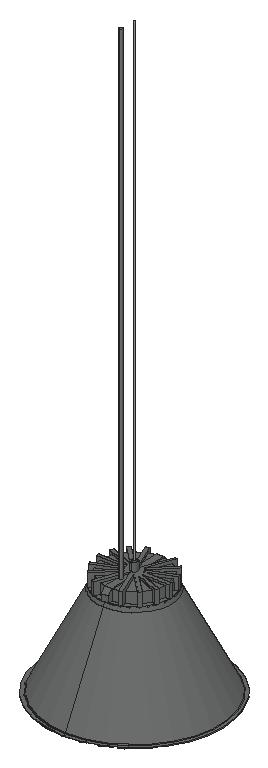
Revit family "Lighting_Pendants_Zero_City_Pendant", category Lighting Fixtures, Revit 2020
Family settings
  Round Connector Dimension = Use Diameter
  Part Type = Normal
  OmniClass Number = 23.80.70.00
  OmniClass Title = Lighting
  Work Plane-Based = Yes
  Always vertical = Yes
  Cut with Voids When Loaded = No
  Light Source = Yes
  Shared = No
  Room Calculation Point = No
Parameters (values of type "City pendant LED 2215LM/26W HFF Black")
  Youtube clip = ""
  Weight Net (Kg) = "5.3"
  Wattage = 7.80924 W
  WarrantyStartDate [instance] = "n/a"
  WarrantyGuarantorParts = "n/a"
  WarrantyGuarantorLabor = "n/a"
  WarrantyDurationUnit = "Year"
  WarrantyDurationParts = "n/a"
  WarrantyDurationLabor = "n/a"
  WarrantyDescription = "n/a"
  built-in parameter 1150110 = 1 (stored number, unit not read)
  VersionDate = "31/08/2023"  # constant formula
  Version = "3"  # constant formula
  UsageCurrent = 0 A
  Uniformat II Description = ""
  Uniformat II Code = ""
  Uniclass2015Reference = "Pr_70_70_48_86"
  Uniclass2015Description = "Suspended luminaires"
  Uniclass2 = "Pr_70_70_49_86"
  Uniclass 2015 Name = ""
  Uniclass 2015 Code = ""
  Uniclass 2.0 Description = ""
  Uniclass 2.0 Code = ""
  Uniclass 1.4 Description = ""
  Uniclass 1.4 Code = ""
  URL = "https://www.zerolighting.com/citypendel-inompe"
  UNSPSC Code = ""
  TotalWattage = 26 W
  built-in parameter 1114217 = 1 (stored number, unit not read)
  Tilt Angle = 90.00°
  built-in parameter 1150109 = 1 (stored number, unit not read)
  built-in parameter 1150134 = (empty or 0)
  Technical description = ""
  TagNumber [instance] = "n/a"
  SustainabilityPerformance = "n/a"
  built-in parameter 1150113 = 1 (stored number, unit not read)
  Size = "555x555x342 mm"
  Shape = "Cone"
  SerialNumber [instance] = "n/a"
  Revision = "5"  # constant formula
  ReplacementCost = "n/a"
  Region South America = "None"
  Region Oceania = "AU, NZ"
  Region North America = "BZ, CR, GT, HN, MX, NI, PA, SV, US"
  Region Middle East = "AE"
  Region Europe = "AD, AL, AT, AX, BA, BE, BG, BY, CH, CY, CZ, DE, DK, EE, ES, FI, FO, FR, GB, GG, GI, GR, HR, HU, IE, IM, IS, IT, JE, LI, LT, LU, LV, MC, MD, ME, MK, MT, NL, NO, PL, PT, RO, RS, RU, SE, SI, SJ, SK, SM, UA, VA"
  Region Asia = "HK, JP, SG"
  Region Antarctica = "None"
  Region Africa = "None"
  ProductInformation = "n/a"
  Product group = "Pendant"
  Product family = "City"
  Product certification = ""
  Product SKU = "City_Pendant"
  Photometric Web File = "City33913IES.IES"
  PhaseReference = "n/a"
  PhaseAngle = 0.00°
  OmniClass Description = ""
  OmniClass Code = ""
  NumberOfSources = 0
  NumberOfPoles = 1
  NominalVoltageCalc = 0 V
  NominalVoltage = 230 V
  NominalRadius = 277.5 mm
  NominalLength = 555 mm
  NominalFrequencyRange = 50 Hz
  NominalDiameter = 555 mm
  NominalCurrent = 0 A
  Nominal width = 555 mm
  Nominal height = 342 mm
  Name = "Zero_City_Pendant"  # constant formula
  NBSReference = "90-60-50/405"
  NBSDescription = "General purpose luminaires"
  NBS Reference Description = ""
  NBS Reference Code = ""
  ModelReference = "n/a"
  ModelNumber = "12086306D30"
  Model = "City pendant LED 2215LM/26W HFF Black"
  Material secondary = "Aluminium"
  Material main = "Aluminium"
  Material = "Metal"
  Masterformat 2014 Description = ""
  Masterformat 2014 Code = ""
  ManufacturersSpecificInformation = "n/a"
  ManufacturerURL = "https://www.zerolighting.com/"
  ManufacturerName = "Zero"
  Manufacturer name = "ZERO"
  Manufacturer country = "Sweden"
  Manufacturer = "Zero"
  MaintenanceFactor = 0
  Lumens = 1160 lm
  built-in parameter 1150115 = 1 (stored number, unit not read)
  built-in parameter 1150105 = 920.57 (stored number, unit not read)
  LightFixtureSecondaryMaterial = Aluminium
  LightFixturePlacingType = "Ceiling"
  LightFixtureMountingType = "Suspended"
  LightFixtureMainMaterial = Black RAL 9005
  built-in parameter 1150137 = (empty or 0)
  built-in parameter 1150139 = (empty or 0)
  built-in parameter 1150112 = 1 (stored number, unit not read)
  built-in parameter 1150114 = 1 (stored number, unit not read)
  InsulationStandardClass = "n/a"
  InstallationDate [instance] = "n/a"
  Installation instructions = ""
  built-in parameter 1150132 = 2
  built-in parameter 1150102 = (empty or 0)
  built-in parameter 1150138 = (empty or 0)
  built-in parameter 1150107 = 3000 (stored number, unit not read)
  built-in parameter 1150106 = 9.2057 (stored number, unit not read)
  IfcExportType = "NOTDEFINED"  # constant formula
  IfcExportAs = "IfcLightFixtureType"  # constant formula
  IP_Code = "IP20"
  IFC Classification = ""
  HasProtectiveEarth = yes
  GTIN code = ""
  Edition number = 1
  Dimming = "Dimmable DALI"
  Grade = "n/a"
  Finish = "Painted aluminum"
  Features = "Terminal block 3x4mm2, when HFF 5x4mm2"
  ExpectedLife = "n/a"
  ElectricalDeviceNominalPower = 0
  built-in parameter 1150104 = 13.8 (stored number, unit not read)
  EANNumber = "n/a"
  DurationUnit = "Year"
  Dimming Lamp Color Temperature Shift = <None>
  Designer = "Thomas Bernstrand"
  Design country = "Sweden"
  DefaultElevation = 0 mm
  Default Elevation [instance] = 1219.2 mm
  Date of publishing = ""
  Constituents = "n/a"
  Color Filter = 16777215
  Color = "Black"
  Collection = "City"
  CodePerformance = "n/a"
  Category = "Pendant"
  CableLength [instance] = 1500 mm
  COBIe Type Category = ""
  Brand url = "http://www.zero.se"
  Brand = "Zero"
  Barcode [instance] = "n/a"
  built-in parameter 1114218 = 1 (stored number, unit not read)
  BIMObjectName = "Lighting_Pendants_Zero_City_Pendant"  # constant formula
  Author = "BIMstone"  # constant formula
  built-in parameter 1150133 = 10 (stored number, unit not read)
  AssetType = "Fixed"
  AssetIdentifier [instance] = "n/a"
  ArticleNumber = "12086306D30"
  AccessibilityPerformance = "n/a"
Types (6, lengths in mm): name | Wattage | ModelNumber | Model | Lumens | built-in parameter 1150105 | LightFixtureMainMaterial | built-in parameter 1150106 | IP_Code | HasProtectiveEarth | Dimming | Color | ArticleNumber
  City pendant E27/Max 26W Black | 7.80924 W | "12090306" | "City pendant E27/Max 26W Black" | 1160 lm | 920.57 (stored number, unit not read) | Black RAL 9005 | 9.2057 (stored number, unit not read) | "IP65" | no | "None" | "Black" | "12090306"
  City pendant LED 2215LM/26W Black | 7.80924 W | "12086306-30" | "City pendant LED 2215LM/26W Black" | 1160 lm | 920.57 (stored number, unit not read) | Black RAL 9005 | 9.2057 (stored number, unit not read) | "IP20" | yes | "None" | "Black" | "12086306-30"
  City pendant E27/Max 26W Beige grey | 7.80924 W | "12090366" | "City pendant E27/Max 26W Beige grey" | 1160 lm | 920.57 (stored number, unit not read) | Beige Grey RAL 7006 | 9.2057 (stored number, unit not read) | "IP65" | no | "None" | "Beige" | "12090366"
  City pendant LED 2215LM/26W Beige grey | 14.9116 W | "12086366-30" | "City pendant LED 2215LM/26W Beige grey" | 2215 lm | 176.26 (stored number, unit not read) | Beige Grey RAL 7006 | 1.7626 (stored number, unit not read) | "IP20" | yes | "None" | "Beige" | "12086366-30"
  City pendant LED 2215LM/26W HFF Beige grey | 14.9116 W | "12086366D30" | "City pendant LED 2215LM/26W HFF Beige grey" | 2215 lm | 176.26 (stored number, unit not read) | Beige Grey RAL 7006 | 1.7626 (stored number, unit not read) | "IP20" | yes | "Dimmable DALI" | "Beige" | "12086366D30"
  City pendant LED 2215LM/26W HFF Black | 7.80924 W | "12086306D30" | "City pendant LED 2215LM/26W HFF Black" | 1160 lm | 920.57 (stored number, unit not read) | Black RAL 9005 | 9.2057 (stored number, unit not read) | "IP20" | yes | "Dimmable DALI" | "Black" | "12086306D30"
Reference planes
  plane 1 "Light Source Axis (F/B)": y = 0
  plane 2: z = 0
  plane 3 "Light Source Axis (L/R)": x = 0
  plane 4 "Ceiling": z = 0
  plane 5 "Light Source Elevation": z = -1775.936
  plane 6: y = 277.5
  plane 7: y = -277.5
  plane 8: x = -277.5
  plane 9: x = 277.5
  plane 10: z = -1500
  plane 11: z = -1525.936
  plane 12: z = 0
Forms (mm)
  Extrusion 1, solid, material "Default New Material", detail levels medium+fine
    sketch origin (0, 0, -1775.936) x (-1, 0, 0) y (0, -1, 0)
      loop
        circle (0, 51.698) r 5
    from 250 to 1775.936
  Extrusion 2, solid, detail levels medium+fine
    sketch origin (0, 51.698, -1775.936) x (-1, 0, 0) y (0, -1, 0)
      loop
        circle (0, 51.698) r 1
    from 275.936 to 1775.936
  Extrusion 3, solid, material "Black RAL 9005" <- "LightFixtureMainMaterial", detail levels coarse
    sketch origin (0, 0, -1775.936) x (-1, 0, 0) y (0, -1, 0)
      loop
        line (277.5, 277.5) -> (-277.5, 277.5) -> (-277.5, -277.5) -> (277.5, -277.5) -> (277.5, 277.5)
    from -92 to 1775.936
Lines and regions (mm)
  symbolic lines, detail levels coarse
    curve 1: line (-277.5, -277.5, -1775.936) -> (277.5, -277.5, -1775.936)
    curve 2: line (-277.5, 277.5, -1775.936) -> (-277.5, -277.5, -1775.936)
    curve 3: line (277.5, 277.5, -1775.936) -> (-277.5, 277.5, -1775.936)
    curve 4: line (277.5, -277.5, -1775.936) -> (277.5, 277.5, -1775.936)
  symbolic lines, detail levels medium+fine
    curve 5: line (5, 0, -1500) -> (5, 0, 0)
    curve 6: line (-5, 0, -1500) -> (-5, 0, 0)
    curve 9: line (0, 1, -1500) -> (0, 1, 0)
    curve 10: line (0, -56.698, -1525.936) -> (0, -56.698, 0)
  symbolic lines, detail levels fine
    curve 7: line (1, 0, -1500) -> (1, 0, 0)
    curve 8: line (-1, 0, -1500) -> (-1, 0, 0)
    curve 11: line (0, -46.698, 0) -> (0, -46.698, -1525.936)
    curve 12: line (0, -1, -1500) -> (0, -1, 0)
Dimensions and locks
  equal spacing: plane 6, plane 1 "Light Source Axis (F/B)", plane 7
  plane 6 to plane 7 = 555 mm
  equal spacing: plane 8, plane 3 "Light Source Axis (L/R)", plane 9
  "NominalLength": plane 8 to plane 9
  "CableLength": plane 10 to level
  locked: plane 10 to plane 11 at 25.936
  locked: plane 11 to plane 5 "Light Source Elevation" at 250
  aligned and locked: plane 3 "Light Source Axis (L/R)" to imposter light
  aligned and locked: plane 1 "Light Source Axis (F/B)" to imposter light
  aligned and locked: plane 5 "Light Source Elevation" to imposter light
  aligned and locked: level to Extrusion 1
  aligned and locked: plane 10 to nested 1
  aligned and locked: plane 10 to Extrusion 2
  aligned and locked: Extrusion 1 to plane 11
  aligned and locked: level to Extrusion 2
  aligned and locked: Extrusion 3 to nested 1
  aligned and locked: level to Extrusion 3
Automatic sketch dimensions
  plane 7 to curve 1 = 0 mm
  curve 1 to plane 9 = 0 mm
  curve 3 to plane 6 = 0 mm
  curve 3 to plane 8 = 0 mm
  Extrusion 1 sketch curve to Extrusion 1 sketch curve = 0 mm  (x2)
  Extrusion 1 sketch curve to plane 3 "Light Source Axis (L/R)" = 0 mm
  plane 1 "Light Source Axis (F/B)" to Extrusion 1 sketch curve = 51.698 mm
  Extrusion 1 sketch curve to Extrusion 1 sketch curve = 5 mm
  Extrusion 2 sketch curve to Extrusion 2 sketch curve = 0 mm  (x2)
  Extrusion 2 sketch curve to plane 3 "Light Source Axis (L/R)" = 0 mm
  plane 1 "Light Source Axis (F/B)" to Extrusion 2 sketch curve = 0 mm
  Extrusion 2 sketch curve to Extrusion 2 sketch curve = 1 mm
  plane 7 to Extrusion 3 sketch curve = 0 mm
  Extrusion 3 sketch curve to plane 9 = 0 mm
  Extrusion 3 sketch curve to plane 6 = 0 mm
  Extrusion 3 sketch curve to plane 8 = 0 mm
  curve 6 to plane 10 = 0 mm
  curve 6 to level = 0 mm
  curve 8 to plane 10 = 0 mm
  curve 8 to level = 0 mm
  curve 7 to level = 0 mm
  curve 7 to plane 10 = 0 mm
  curve 5 to level = 0 mm
  curve 5 to plane 10 = 0 mm
  curve 6 to plane 3 "Light Source Axis (L/R)" = 5 mm
  curve 8 to plane 3 "Light Source Axis (L/R)" = 1 mm
  plane 3 "Light Source Axis (L/R)" to curve 7 = 1 mm
  curve 7 to curve 5 = 4 mm
  curve 10 to plane 11 = 0 mm
  curve 10 to level = 0 mm
  curve 11 to level = 0 mm
  curve 11 to plane 11 = 0 mm
  plane 10 to curve 12 = 0 mm
  curve 12 to level = 0 mm
  curve 9 to level = 0 mm
  plane 10 to curve 9 = 0 mm
  plane 1 "Light Source Axis (F/B)" to curve 10 = 56.698 mm
  curve 10 to curve 11 = 10 mm
  plane 1 "Light Source Axis (F/B)" to curve 12 = 1 mm
  curve 9 to plane 1 "Light Source Axis (F/B)" = 1 mm
Nested families
  nested 1: "City-pendant" at (0, 0, -1867.936), Material1 <- "LightFixtureMainMaterial", type "City-pendant"
    with Material1 Black RAL 9005
Connectors
  electrical at (0, -51.698, 0), driven by "NominalVoltage"
    settings: on Extrusion 1, index 1, voltage 230 V, apparent load 0 VA, apparent load phase1 0 VA, apparent load phase2 0 VA, apparent load phase3 0 VA, power factor 1, load classification "Other", number of poles 1, system type 30, power factor state 1, is connector primary yes, connector utility no, sub classification motor no, connector description ""
Definition of nested family "City-pendant"
  Parameters (values of type "City-pendant")
    Material1 [instance] = none
    Default Elevation = 0 mm
  Reference planes
    plane 1 "Center (Front/Back)": y = 0
    plane 2: z = 0
    plane 3 "Center (Left/Right)": x = 0
    plane 4: z = 342
  Forms (mm)
    Revolve 1, solid, material <- "Material1", detail levels medium+fine
      sketch origin (0, 0, 0) x (0, 1, 0) y (0, 0, 1)
        loop
          line (100, 302) -> (100, 335.077) -> (0, 335.077) -> (0, 330.077) -> (95, 330.077) -> (95, 297) -> (109.862, 297) -> (112.338, 286.27) -> (262.824, 0) -> (277.395, 0) -> (277.395, 2) -> (267.643, 2.804) -> (265.772, 5.137) -> (117.065, 288.025) -> (113.84, 302) -> (100, 302)
        axis (0, 0) -> (0, 335.077)
      angle from 0 to 360
    Extrusion 2, solid, material <- "Material1", detail levels medium+fine
      sketch origin (0, 0, 9) x (1, 0, 0) y (0, 1, 0)
        loop
          arc (-103.16, 48.142) -> (-105.175, 43.565) -> (-106.987, 38.903) r 113.84
          line (-106.987, 38.903) -> (-25.137, 5) -> (-113.73, 5)
          arc (-113.73, 5) -> (-113.84, 0) -> (-113.73, -5) r 113.84
          line (-113.73, -5) -> (-25.137, -5) -> (-106.987, -38.903)
          arc (-106.987, -38.903) -> (-105.175, -43.565) -> (-103.16, -48.142) r 113.84
          line (-103.16, -48.142) -> (-21.31, -14.239) -> (-83.955, -76.884)
          arc (-83.955, -76.884) -> (-80.497, -80.497) -> (-76.884, -83.955) r 113.84
          line (-76.884, -83.955) -> (-14.239, -21.31) -> (-48.142, -103.16)
          arc (-48.142, -103.16) -> (-43.565, -105.175) -> (-38.903, -106.987) r 113.84
          line (-38.903, -106.987) -> (0, -13.066) -> (38.903, -106.987)
          arc (38.903, -106.987) -> (43.565, -105.175) -> (48.142, -103.16) r 113.84
          line (48.142, -103.16) -> (14.239, -21.31) -> (76.884, -83.955)
          arc (76.884, -83.955) -> (80.497, -80.497) -> (83.955, -76.884) r 113.84
          line (83.955, -76.884) -> (21.31, -14.239) -> (103.16, -48.142)
          arc (103.16, -48.142) -> (105.175, -43.565) -> (106.987, -38.903) r 113.84
          line (106.987, -38.903) -> (25.137, -5) -> (113.73, -5)
          arc (113.73, -5) -> (113.84, 0) -> (113.73, 5) r 113.84
          line (113.73, 5) -> (25.137, 5) -> (106.987, 38.903)
          arc (106.987, 38.903) -> (105.175, 43.565) -> (103.16, 48.142) r 113.84
          line (103.16, 48.142) -> (21.31, 14.239) -> (83.955, 76.884)
          arc (83.955, 76.884) -> (80.497, 80.497) -> (76.884, 83.955) r 113.84
          line (76.884, 83.955) -> (14.239, 21.31) -> (48.142, 103.16)
          arc (48.142, 103.16) -> (43.565, 105.175) -> (38.903, 106.987) r 113.84
          line (38.903, 106.987) -> (0, 13.066) -> (-38.903, 106.987)
          arc (-38.903, 106.987) -> (-43.565, 105.175) -> (-48.142, 103.16) r 113.84
          line (-48.142, 103.16) -> (-14.239, 21.31) -> (-76.884, 83.955)
          arc (-76.884, 83.955) -> (-80.497, 80.497) -> (-83.955, 76.884) r 113.84
          line (-83.955, 76.884) -> (-21.31, 14.239) -> (-103.16, 48.142)
      from 293 to 333
    Extrusion 3, solid, material <- "Material1", detail levels medium+fine
      sketch origin (0, 0, 9) x (0, 1, 0) y (0, 0, 1)
        loop
          line (113.276, 293) -> (113.276, 311.419) -> (100.84, 328) -> (-100.84, 328) -> (-113.179, 311.549) -> (-113.179, 293) -> (113.276, 293)
      from -10 to 10
    Extrusion 4, solid, material <- "Material1", detail levels medium+fine
      sketch origin (0, 0, 0) x (1, 0, 0) y (0, 1, 0)
        loop
          line (-261.557, 56.75) -> (-241.75, 56.75) -> (-241.75, 91.25) -> (-251.607, 91.25)
          arc (-251.607, 91.25) -> (-257.161, 74.167) -> (-261.557, 56.75) r 267.643
        loop
          line (241.75, 0) -> (241.75, -17.25) -> (267.086, -17.25)
          arc (267.086, -17.25) -> (267.643, 0) -> (267.086, 17.25) r 267.643
          line (267.086, 17.25) -> (241.75, 17.25) -> (241.75, 0)
        loop
          arc (266.913, 19.75) -> (265.062, 37.079) -> (262.087, 54.25) r 267.643
          line (262.087, 54.25) -> (241.75, 54.25) -> (241.75, 19.75) -> (266.913, 19.75)
        loop
          arc (261.557, 56.75) -> (257.161, 74.167) -> (251.607, 91.25) r 267.643
          line (251.607, 91.25) -> (241.75, 91.25) -> (241.75, 56.75) -> (261.557, 56.75)
        loop
          arc (250.686, 93.75) -> (246.444, 104.393) -> (241.75, 114.845) r 267.643
          line (241.75, 114.845) -> (241.75, 93.75) -> (250.686, 93.75)
        loop
          line (-202.25, 165.25) -> (-202.25, 130.75) -> (-167.75, 130.75) -> (-167.75, 165.25) -> (-202.25, 165.25)
        loop
          line (-165.25, 165.25) -> (-165.25, 130.75) -> (-130.75, 130.75) -> (-130.75, 165.25) -> (-165.25, 165.25)
        loop
          line (-128.25, 165.25) -> (-128.25, 130.75) -> (-93.75, 130.75) -> (-93.75, 165.25) -> (-128.25, 165.25)
        loop
          line (-91.25, 165.25) -> (-91.25, 130.75) -> (-56.75, 130.75) -> (-56.75, 165.25) -> (-91.25, 165.25)
        loop
          line (-54.25, 165.25) -> (-54.25, 130.75) -> (-19.75, 130.75) -> (-19.75, 165.25) -> (-54.25, 165.25)
        loop
          line (-17.25, 165.25) -> (-17.25, 130.75) -> (17.25, 130.75) -> (17.25, 165.25) -> (-17.25, 165.25)
        loop
          line (19.75, 165.25) -> (19.75, 130.75) -> (54.25, 130.75) -> (54.25, 165.25) -> (19.75, 165.25)
        loop
          line (56.75, 165.25) -> (56.75, 130.75) -> (91.25, 130.75) -> (91.25, 165.25) -> (56.75, 165.25)
        loop
          line (93.75, 165.25) -> (93.75, 130.75) -> (128.25, 130.75) -> (128.25, 165.25) -> (93.75, 165.25)
        loop
          line (130.75, 165.25) -> (130.75, 130.75) -> (165.25, 130.75) -> (165.25, 165.25) -> (130.75, 165.25)
        loop
          line (167.75, 165.25) -> (167.75, 130.75) -> (202.25, 130.75) -> (202.25, 165.25) -> (167.75, 165.25)
        loop
          line (204.75, 165.25) -> (204.75, 130.75) -> (233.531, 130.75)
          arc (233.531, 130.75) -> (222.702, 148.446) -> (210.535, 165.25) r 267.643
          line (210.535, 165.25) -> (204.75, 165.25)
        loop
          line (266.913, -19.75) -> (241.75, -19.75) -> (241.75, -54.25) -> (262.087, -54.25)
          arc (262.087, -54.25) -> (265.062, -37.079) -> (266.913, -19.75) r 267.643
        loop
          line (261.557, -56.75) -> (241.75, -56.75) -> (241.75, -91.25) -> (251.607, -91.25)
          arc (251.607, -91.25) -> (257.161, -74.167) -> (261.557, -56.75) r 267.643
        loop
          line (250.686, -93.75) -> (241.75, -93.75) -> (241.75, -114.845)
          arc (241.75, -114.845) -> (246.444, -104.393) -> (250.686, -93.75) r 267.643
        loop
          line (-241.75, 0) -> (-241.75, 17.25) -> (-267.086, 17.25)
          arc (-267.086, 17.25) -> (-267.643, 0) -> (-267.086, -17.25) r 267.643
          line (-267.086, -17.25) -> (-241.75, -17.25) -> (-241.75, 0)
        loop
          line (-266.913, 19.75) -> (-241.75, 19.75) -> (-241.75, 54.25) -> (-262.087, 54.25)
          arc (-262.087, 54.25) -> (-265.062, 37.079) -> (-266.913, 19.75) r 267.643
        loop
          line (-250.686, 93.75) -> (-241.75, 93.75) -> (-241.75, 114.845)
          arc (-241.75, 114.845) -> (-246.444, 104.393) -> (-250.686, 93.75) r 267.643
        loop
          arc (-266.913, -19.75) -> (-265.062, -37.079) -> (-262.087, -54.25) r 267.643
          line (-262.087, -54.25) -> (-241.75, -54.25) -> (-241.75, -19.75) -> (-266.913, -19.75)
        loop
          arc (-261.557, -56.75) -> (-257.161, -74.167) -> (-251.607, -91.25) r 267.643
          line (-251.607, -91.25) -> (-241.75, -91.25) -> (-241.75, -56.75) -> (-261.557, -56.75)
        loop
          arc (-250.686, -93.75) -> (-246.444, -104.393) -> (-241.75, -114.845) r 267.643
          line (-241.75, -114.845) -> (-241.75, -93.75) -> (-250.686, -93.75)
        loop
          line (0, 241.75) -> (17.25, 241.75) -> (17.25, 267.086)
          arc (17.25, 267.086) -> (0, 267.643) -> (-17.25, 267.086) r 267.643
          line (-17.25, 267.086) -> (-17.25, 241.75) -> (0, 241.75)
        loop
          line (19.75, 266.913) -> (19.75, 241.75) -> (54.25, 241.75) -> (54.25, 262.087)
          arc (54.25, 262.087) -> (37.079, 265.062) -> (19.75, 266.913) r 267.643
        loop
          line (56.75, 261.557) -> (56.75, 241.75) -> (91.25, 241.75) -> (91.25, 251.607)
          arc (91.25, 251.607) -> (74.167, 257.161) -> (56.75, 261.557) r 267.643
        loop
          line (93.75, 250.686) -> (93.75, 241.75) -> (114.845, 241.75)
          arc (114.845, 241.75) -> (104.393, 246.444) -> (93.75, 250.686) r 267.643
        loop
          arc (-19.75, 266.913) -> (-37.079, 265.062) -> (-54.25, 262.087) r 267.643
          line (-54.25, 262.087) -> (-54.25, 241.75) -> (-19.75, 241.75) -> (-19.75, 266.913)
        loop
          arc (-56.75, 261.557) -> (-74.167, 257.161) -> (-91.25, 251.607) r 267.643
          line (-91.25, 251.607) -> (-91.25, 241.75) -> (-56.75, 241.75) -> (-56.75, 261.557)
        loop
          arc (-93.75, 250.686) -> (-104.393, 246.444) -> (-114.845, 241.75) r 267.643
          line (-114.845, 241.75) -> (-93.75, 241.75) -> (-93.75, 250.686)
        loop
          line (0, -241.75) -> (-17.25, -241.75) -> (-17.25, -267.086)
          arc (-17.25, -267.086) -> (0, -267.643) -> (17.25, -267.086) r 267.643
          line (17.25, -267.086) -> (17.25, -241.75) -> (0, -241.75)
        loop
          arc (19.75, -266.913) -> (37.079, -265.062) -> (54.25, -262.087) r 267.643
          line (54.25, -262.087) -> (54.25, -241.75) -> (19.75, -241.75) -> (19.75, -266.913)
        loop
          arc (56.75, -261.557) -> (74.167, -257.161) -> (91.25, -251.607) r 267.643
          line (91.25, -251.607) -> (91.25, -241.75) -> (56.75, -241.75) -> (56.75, -261.557)
        loop
          arc (93.75, -250.686) -> (104.393, -246.444) -> (114.845, -241.75) r 267.643
          line (114.845, -241.75) -> (93.75, -241.75) -> (93.75, -250.686)
        loop
          line (-19.75, -266.913) -> (-19.75, -241.75) -> (-54.25, -241.75) -> (-54.25, -262.087)
          arc (-54.25, -262.087) -> (-37.079, -265.062) -> (-19.75, -266.913) r 267.643
        loop
          line (-56.75, -261.557) -> (-56.75, -241.75) -> (-91.25, -241.75) -> (-91.25, -251.607)
          arc (-91.25, -251.607) -> (-74.167, -257.161) -> (-56.75, -261.557) r 267.643
        loop
          line (-93.75, -250.686) -> (-93.75, -241.75) -> (-114.845, -241.75)
          arc (-114.845, -241.75) -> (-104.393, -246.444) -> (-93.75, -250.686) r 267.643
        loop
          line (-204.75, 165.25) -> (-210.535, 165.25)
          arc (-210.535, 165.25) -> (-222.702, 148.446) -> (-233.531, 130.75) r 267.643
          line (-233.531, 130.75) -> (-204.75, 130.75) -> (-204.75, 165.25)
        loop
          line (-165.25, 202.25) -> (-165.25, 167.75) -> (-130.75, 167.75) -> (-130.75, 202.25) -> (-165.25, 202.25)
        loop
          line (-128.25, 202.25) -> (-128.25, 167.75) -> (-93.75, 167.75) -> (-93.75, 202.25) -> (-128.25, 202.25)
        loop
          line (-91.25, 202.25) -> (-91.25, 167.75) -> (-56.75, 167.75) -> (-56.75, 202.25) -> (-91.25, 202.25)
        loop
          line (-54.25, 202.25) -> (-54.25, 167.75) -> (-19.75, 167.75) -> (-19.75, 202.25) -> (-54.25, 202.25)
        loop
          line (-17.25, 202.25) -> (-17.25, 167.75) -> (17.25, 167.75) -> (17.25, 202.25) -> (-17.25, 202.25)
        loop
          line (-165.25, 210.535) -> (-165.25, 204.75) -> (-130.75, 204.75) -> (-130.75, 233.531)
          arc (-130.75, 233.531) -> (-148.446, 222.702) -> (-165.25, 210.535) r 267.643
        loop
          line (-128.25, 234.914) -> (-128.25, 204.75) -> (-93.75, 204.75) -> (-93.75, 239.25) -> (-119.966, 239.25)
          arc (-119.966, 239.25) -> (-124.127, 237.118) -> (-128.25, 234.914) r 267.643
        loop
          line (-91.25, 239.25) -> (-91.25, 204.75) -> (-56.75, 204.75) -> (-56.75, 239.25) -> (-91.25, 239.25)
        loop
          line (-54.25, 239.25) -> (-54.25, 204.75) -> (-19.75, 204.75) -> (-19.75, 239.25) -> (-54.25, 239.25)
        loop
          line (-17.25, 239.25) -> (-17.25, 204.75) -> (17.25, 204.75) -> (17.25, 239.25) -> (-17.25, 239.25)
        loop
          line (-165.25, 91.25) -> (-165.25, 56.75) -> (-130.75, 56.75) -> (-130.75, 91.25) -> (-165.25, 91.25)
        loop
          line (-128.25, 91.25) -> (-128.25, 56.75) -> (-93.75, 56.75) -> (-93.75, 91.25) -> (-128.25, 91.25)
        loop
          line (-91.25, 91.25) -> (-91.25, 56.75) -> (-56.75, 56.75) -> (-56.75, 91.25) -> (-91.25, 91.25)
        loop
          line (-54.25, 91.25) -> (-54.25, 56.75) -> (-19.75, 56.75) -> (-19.75, 91.25) -> (-54.25, 91.25)
        loop
          line (-17.25, 91.25) -> (-17.25, 56.75) -> (17.25, 56.75) -> (17.25, 91.25) -> (-17.25, 91.25)
        loop
          line (-165.25, 128.25) -> (-165.25, 93.75) -> (-130.75, 93.75) -> (-130.75, 128.25) -> (-165.25, 128.25)
        loop
          line (-128.25, 128.25) -> (-128.25, 93.75) -> (-93.75, 93.75) -> (-93.75, 128.25) -> (-128.25, 128.25)
        loop
          line (-91.25, 128.25) -> (-91.25, 93.75) -> (-56.75, 93.75) -> (-56.75, 128.25) -> (-91.25, 128.25)
        loop
          line (-54.25, 128.25) -> (-54.25, 93.75) -> (-19.75, 93.75) -> (-19.75, 128.25) -> (-54.25, 128.25)
        loop
          line (-17.25, 128.25) -> (-17.25, 93.75) -> (17.25, 93.75) -> (17.25, 128.25) -> (-17.25, 128.25)
        loop
          line (-165.25, 17.25) -> (-165.25, -17.25) -> (-130.75, -17.25) -> (-130.75, 17.25) -> (-165.25, 17.25)
        loop
          line (-128.25, 17.25) -> (-128.25, -17.25) -> (-93.75, -17.25) -> (-93.75, 17.25) -> (-128.25, 17.25)
        loop
          line (-91.25, 17.25) -> (-91.25, -17.25) -> (-56.75, -17.25) -> (-56.75, 17.25) -> (-91.25, 17.25)
        loop
          line (-54.25, 17.25) -> (-54.25, -17.25) -> (-19.75, -17.25) -> (-19.75, 17.25) -> (-54.25, 17.25)
        loop
          line (-17.25, 17.25) -> (-17.25, -17.25) -> (17.25, -17.25) -> (17.25, 17.25) -> (-17.25, 17.25)
        loop
          line (-165.25, 54.25) -> (-165.25, 19.75) -> (-130.75, 19.75) -> (-130.75, 54.25) -> (-165.25, 54.25)
        loop
          line (-128.25, 54.25) -> (-128.25, 19.75) -> (-93.75, 19.75) -> (-93.75, 54.25) -> (-128.25, 54.25)
        loop
          line (-91.25, 54.25) -> (-91.25, 19.75) -> (-56.75, 19.75) -> (-56.75, 54.25) -> (-91.25, 54.25)
        loop
          line (-54.25, 54.25) -> (-54.25, 19.75) -> (-19.75, 19.75) -> (-19.75, 54.25) -> (-54.25, 54.25)
        loop
          line (-17.25, 54.25) -> (-17.25, 19.75) -> (17.25, 19.75) -> (17.25, 54.25) -> (-17.25, 54.25)
        loop
          line (-165.25, -56.75) -> (-165.25, -91.25) -> (-130.75, -91.25) -> (-130.75, -56.75) -> (-165.25, -56.75)
        loop
          line (-128.25, -56.75) -> (-128.25, -91.25) -> (-93.75, -91.25) -> (-93.75, -56.75) -> (-128.25, -56.75)
        loop
          line (-91.25, -56.75) -> (-91.25, -91.25) -> (-56.75, -91.25) -> (-56.75, -56.75) -> (-91.25, -56.75)
        loop
          line (-54.25, -56.75) -> (-54.25, -91.25) -> (-19.75, -91.25) -> (-19.75, -56.75) -> (-54.25, -56.75)
        loop
          line (-17.25, -56.75) -> (-17.25, -91.25) -> (17.25, -91.25) -> (17.25, -56.75) -> (-17.25, -56.75)
        loop
          line (-165.25, -19.75) -> (-165.25, -54.25) -> (-130.75, -54.25) -> (-130.75, -19.75) -> (-165.25, -19.75)
        loop
          line (-128.25, -19.75) -> (-128.25, -54.25) -> (-93.75, -54.25) -> (-93.75, -19.75) -> (-128.25, -19.75)
        loop
          line (-91.25, -19.75) -> (-91.25, -54.25) -> (-56.75, -54.25) -> (-56.75, -19.75) -> (-91.25, -19.75)
        loop
          line (-54.25, -19.75) -> (-54.25, -54.25) -> (-19.75, -54.25) -> (-19.75, -19.75) -> (-54.25, -19.75)
        loop
          line (-17.25, -19.75) -> (-17.25, -54.25) -> (17.25, -54.25) -> (17.25, -19.75) -> (-17.25, -19.75)
        loop
          line (-165.25, -130.75) -> (-165.25, -165.25) -> (-130.75, -165.25) -> (-130.75, -130.75) -> (-165.25, -130.75)
        loop
          line (-128.25, -130.75) -> (-128.25, -165.25) -> (-93.75, -165.25) -> (-93.75, -130.75) -> (-128.25, -130.75)
        loop
          line (-91.25, -130.75) -> (-91.25, -165.25) -> (-56.75, -165.25) -> (-56.75, -130.75) -> (-91.25, -130.75)
        loop
          line (-54.25, -130.75) -> (-54.25, -165.25) -> (-19.75, -165.25) -> (-19.75, -130.75) -> (-54.25, -130.75)
        loop
          line (-17.25, -130.75) -> (-17.25, -165.25) -> (17.25, -165.25) -> (17.25, -130.75) -> (-17.25, -130.75)
        loop
          line (-165.25, -93.75) -> (-165.25, -128.25) -> (-130.75, -128.25) -> (-130.75, -93.75) -> (-165.25, -93.75)
        loop
          line (-128.25, -93.75) -> (-128.25, -128.25) -> (-93.75, -128.25) -> (-93.75, -93.75) -> (-128.25, -93.75)
        loop
          line (-91.25, -93.75) -> (-91.25, -128.25) -> (-56.75, -128.25) -> (-56.75, -93.75) -> (-91.25, -93.75)
        loop
          line (-54.25, -93.75) -> (-54.25, -128.25) -> (-19.75, -128.25) -> (-19.75, -93.75) -> (-54.25, -93.75)
        loop
          line (-17.25, -93.75) -> (-17.25, -128.25) -> (17.25, -128.25) -> (17.25, -93.75) -> (-17.25, -93.75)
        loop
          line (-165.25, -204.75) -> (-165.25, -210.535)
          arc (-165.25, -210.535) -> (-148.446, -222.702) -> (-130.75, -233.531) r 267.643
          line (-130.75, -233.531) -> (-130.75, -204.75) -> (-165.25, -204.75)
        loop
          line (-128.25, -204.75) -> (-128.25, -234.914)
          arc (-128.25, -234.914) -> (-124.127, -237.118) -> (-119.966, -239.25) r 267.643
          line (-119.966, -239.25) -> (-93.75, -239.25) -> (-93.75, -204.75) -> (-128.25, -204.75)
        loop
          line (-91.25, -204.75) -> (-91.25, -239.25) -> (-56.75, -239.25) -> (-56.75, -204.75) -> (-91.25, -204.75)
        loop
          line (-54.25, -204.75) -> (-54.25, -239.25) -> (-19.75, -239.25) -> (-19.75, -204.75) -> (-54.25, -204.75)
        loop
          line (-17.25, -204.75) -> (-17.25, -239.25) -> (17.25, -239.25) -> (17.25, -204.75) -> (-17.25, -204.75)
        loop
          line (-165.25, -167.75) -> (-165.25, -202.25) -> (-130.75, -202.25) -> (-130.75, -167.75) -> (-165.25, -167.75)
        loop
          line (-128.25, -167.75) -> (-128.25, -202.25) -> (-93.75, -202.25) -> (-93.75, -167.75) -> (-128.25, -167.75)
        loop
          line (-91.25, -167.75) -> (-91.25, -202.25) -> (-56.75, -202.25) -> (-56.75, -167.75) -> (-91.25, -167.75)
        loop
          line (-54.25, -167.75) -> (-54.25, -202.25) -> (-19.75, -202.25) -> (-19.75, -167.75) -> (-54.25, -167.75)
        loop
          line (-17.25, -167.75) -> (-17.25, -202.25) -> (17.25, -202.25) -> (17.25, -167.75) -> (-17.25, -167.75)
        loop
          line (-167.75, 204.75) -> (-167.75, 208.548)
          arc (-167.75, 208.548) -> (-170.068, 206.662) -> (-172.366, 204.75) r 267.643
          line (-172.366, 204.75) -> (-167.75, 204.75)
        loop
          arc (-175.292, 202.25) -> (-189.252, 189.252) -> (-202.25, 175.292) r 267.642
          line (-202.25, 175.292) -> (-202.25, 167.75) -> (-167.75, 167.75) -> (-167.75, 202.25) -> (-175.292, 202.25)
        loop
          line (-204.75, 167.75) -> (-204.75, 172.366)
          arc (-204.75, 172.366) -> (-206.662, 170.068) -> (-208.548, 167.75) r 267.643
          line (-208.548, 167.75) -> (-204.75, 167.75)
        loop
          line (165.25, 202.25) -> (130.75, 202.25) -> (130.75, 167.75) -> (165.25, 167.75) -> (165.25, 202.25)
        loop
          line (128.25, 202.25) -> (93.75, 202.25) -> (93.75, 167.75) -> (128.25, 167.75) -> (128.25, 202.25)
        loop
          line (91.25, 202.25) -> (56.75, 202.25) -> (56.75, 167.75) -> (91.25, 167.75) -> (91.25, 202.25)
        loop
          line (54.25, 202.25) -> (19.75, 202.25) -> (19.75, 167.75) -> (54.25, 167.75) -> (54.25, 202.25)
        loop
          arc (165.25, 210.535) -> (148.446, 222.702) -> (130.75, 233.531) r 267.643
          line (130.75, 233.531) -> (130.75, 204.75) -> (165.25, 204.75) -> (165.25, 210.535)
        loop
          arc (128.25, 234.914) -> (124.127, 237.118) -> (119.966, 239.25) r 267.643
          line (119.966, 239.25) -> (93.75, 239.25) -> (93.75, 204.75) -> (128.25, 204.75) -> (128.25, 234.914)
        loop
          line (91.25, 239.25) -> (56.75, 239.25) -> (56.75, 204.75) -> (91.25, 204.75) -> (91.25, 239.25)
        loop
          line (54.25, 239.25) -> (19.75, 239.25) -> (19.75, 204.75) -> (54.25, 204.75) -> (54.25, 239.25)
        loop
          line (167.75, 204.75) -> (172.366, 204.75)
          arc (172.366, 204.75) -> (170.068, 206.662) -> (167.75, 208.548) r 267.643
          line (167.75, 208.548) -> (167.75, 204.75)
        loop
          line (175.292, 202.25) -> (167.75, 202.25) -> (167.75, 167.75) -> (202.25, 167.75) -> (202.25, 175.292)
          arc (202.25, 175.292) -> (189.252, 189.252) -> (175.292, 202.25) r 267.642
        loop
          line (204.75, 167.75) -> (208.548, 167.75)
          arc (208.548, 167.75) -> (206.662, 170.068) -> (204.75, 172.366) r 267.643
          line (204.75, 172.366) -> (204.75, 167.75)
        loop
          line (165.25, -202.25) -> (165.25, -167.75) -> (130.75, -167.75) -> (130.75, -202.25) -> (165.25, -202.25)
        loop
          line (128.25, -202.25) -> (128.25, -167.75) -> (93.75, -167.75) -> (93.75, -202.25) -> (128.25, -202.25)
        loop
          line (91.25, -202.25) -> (91.25, -167.75) -> (56.75, -167.75) -> (56.75, -202.25) -> (91.25, -202.25)
        loop
          line (54.25, -202.25) -> (54.25, -167.75) -> (19.75, -167.75) -> (19.75, -202.25) -> (54.25, -202.25)
        loop
          line (165.25, -210.535) -> (165.25, -204.75) -> (130.75, -204.75) -> (130.75, -233.531)
          arc (130.75, -233.531) -> (148.446, -222.702) -> (165.25, -210.535) r 267.643
        loop
          line (128.25, -234.914) -> (128.25, -204.75) -> (93.75, -204.75) -> (93.75, -239.25) -> (119.966, -239.25)
          arc (119.966, -239.25) -> (124.127, -237.118) -> (128.25, -234.914) r 267.643
        loop
          line (91.25, -239.25) -> (91.25, -204.75) -> (56.75, -204.75) -> (56.75, -239.25) -> (91.25, -239.25)
        loop
          line (54.25, -239.25) -> (54.25, -204.75) -> (19.75, -204.75) -> (19.75, -239.25) -> (54.25, -239.25)
        loop
          line (167.75, -204.75) -> (167.75, -208.548)
          arc (167.75, -208.548) -> (170.068, -206.662) -> (172.366, -204.75) r 267.643
          line (172.366, -204.75) -> (167.75, -204.75)
        loop
          arc (175.292, -202.25) -> (189.252, -189.252) -> (202.25, -175.292) r 267.642
          line (202.25, -175.292) -> (202.25, -167.75) -> (167.75, -167.75) -> (167.75, -202.25) -> (175.292, -202.25)
        loop
          line (204.75, -167.75) -> (204.75, -172.366)
          arc (204.75, -172.366) -> (206.662, -170.068) -> (208.548, -167.75) r 267.643
          line (208.548, -167.75) -> (204.75, -167.75)
        loop
          line (-167.75, -204.75) -> (-172.366, -204.75)
          arc (-172.366, -204.75) -> (-170.068, -206.662) -> (-167.75, -208.548) r 267.643
          line (-167.75, -208.548) -> (-167.75, -204.75)
        loop
          line (-175.292, -202.25) -> (-167.75, -202.25) -> (-167.75, -167.75) -> (-202.25, -167.75) -> (-202.25, -175.292)
          arc (-202.25, -175.292) -> (-189.252, -189.252) -> (-175.292, -202.25) r 267.642
        loop
          line (-204.75, -167.75) -> (-208.548, -167.75)
          arc (-208.548, -167.75) -> (-206.662, -170.068) -> (-204.75, -172.366) r 267.643
          line (-204.75, -172.366) -> (-204.75, -167.75)
        loop
          line (-204.75, -165.25) -> (-204.75, -130.75) -> (-233.531, -130.75)
          arc (-233.531, -130.75) -> (-222.702, -148.446) -> (-210.535, -165.25) r 267.643
          line (-210.535, -165.25) -> (-204.75, -165.25)
        loop
          line (-202.25, -165.25) -> (-167.75, -165.25) -> (-167.75, -130.75) -> (-202.25, -130.75) -> (-202.25, -165.25)
        loop
          line (165.25, -130.75) -> (130.75, -130.75) -> (130.75, -165.25) -> (165.25, -165.25) -> (165.25, -130.75)
        loop
          line (128.25, -130.75) -> (93.75, -130.75) -> (93.75, -165.25) -> (128.25, -165.25) -> (128.25, -130.75)
        loop
          line (91.25, -130.75) -> (56.75, -130.75) -> (56.75, -165.25) -> (91.25, -165.25) -> (91.25, -130.75)
        loop
          line (54.25, -130.75) -> (19.75, -130.75) -> (19.75, -165.25) -> (54.25, -165.25) -> (54.25, -130.75)
        loop
          line (204.75, -165.25) -> (210.535, -165.25)
          arc (210.535, -165.25) -> (222.702, -148.446) -> (233.531, -130.75) r 267.643
          line (233.531, -130.75) -> (204.75, -130.75) -> (204.75, -165.25)
        loop
          line (202.25, -165.25) -> (202.25, -130.75) -> (167.75, -130.75) -> (167.75, -165.25) -> (202.25, -165.25)
        loop
          line (165.25, 91.25) -> (130.75, 91.25) -> (130.75, 56.75) -> (165.25, 56.75) -> (165.25, 91.25)
        loop
          line (128.25, 91.25) -> (93.75, 91.25) -> (93.75, 56.75) -> (128.25, 56.75) -> (128.25, 91.25)
        loop
          line (91.25, 91.25) -> (56.75, 91.25) -> (56.75, 56.75) -> (91.25, 56.75) -> (91.25, 91.25)
        loop
          line (54.25, 91.25) -> (19.75, 91.25) -> (19.75, 56.75) -> (54.25, 56.75) -> (54.25, 91.25)
        loop
          line (165.25, 128.25) -> (130.75, 128.25) -> (130.75, 93.75) -> (165.25, 93.75) -> (165.25, 128.25)
        loop
          line (128.25, 128.25) -> (93.75, 128.25) -> (93.75, 93.75) -> (128.25, 93.75) -> (128.25, 128.25)
        loop
          line (91.25, 128.25) -> (56.75, 128.25) -> (56.75, 93.75) -> (91.25, 93.75) -> (91.25, 128.25)
        loop
          line (54.25, 128.25) -> (19.75, 128.25) -> (19.75, 93.75) -> (54.25, 93.75) -> (54.25, 128.25)
        loop
          line (165.25, 17.25) -> (130.75, 17.25) -> (130.75, -17.25) -> (165.25, -17.25) -> (165.25, 17.25)
        loop
          line (128.25, 17.25) -> (93.75, 17.25) -> (93.75, -17.25) -> (128.25, -17.25) -> (128.25, 17.25)
        loop
          line (91.25, 17.25) -> (56.75, 17.25) -> (56.75, -17.25) -> (91.25, -17.25) -> (91.25, 17.25)
        loop
          line (54.25, 17.25) -> (19.75, 17.25) -> (19.75, -17.25) -> (54.25, -17.25) -> (54.25, 17.25)
        loop
          line (165.25, 54.25) -> (130.75, 54.25) -> (130.75, 19.75) -> (165.25, 19.75) -> (165.25, 54.25)
        loop
          line (128.25, 54.25) -> (93.75, 54.25) -> (93.75, 19.75) -> (128.25, 19.75) -> (128.25, 54.25)
        loop
          line (91.25, 54.25) -> (56.75, 54.25) -> (56.75, 19.75) -> (91.25, 19.75) -> (91.25, 54.25)
        loop
          line (54.25, 54.25) -> (19.75, 54.25) -> (19.75, 19.75) -> (54.25, 19.75) -> (54.25, 54.25)
        loop
          line (165.25, -56.75) -> (130.75, -56.75) -> (130.75, -91.25) -> (165.25, -91.25) -> (165.25, -56.75)
        loop
          line (128.25, -56.75) -> (93.75, -56.75) -> (93.75, -91.25) -> (128.25, -91.25) -> (128.25, -56.75)
        loop
          line (91.25, -56.75) -> (56.75, -56.75) -> (56.75, -91.25) -> (91.25, -91.25) -> (91.25, -56.75)
        loop
          line (54.25, -56.75) -> (19.75, -56.75) -> (19.75, -91.25) -> (54.25, -91.25) -> (54.25, -56.75)
        loop
          line (165.25, -19.75) -> (130.75, -19.75) -> (130.75, -54.25) -> (165.25, -54.25) -> (165.25, -19.75)
        loop
          line (128.25, -19.75) -> (93.75, -19.75) -> (93.75, -54.25) -> (128.25, -54.25) -> (128.25, -19.75)
        loop
          line (91.25, -19.75) -> (56.75, -19.75) -> (56.75, -54.25) -> (91.25, -54.25) -> (91.25, -19.75)
        loop
          line (54.25, -19.75) -> (19.75, -19.75) -> (19.75, -54.25) -> (54.25, -54.25) -> (54.25, -19.75)
        loop
          line (165.25, -93.75) -> (130.75, -93.75) -> (130.75, -128.25) -> (165.25, -128.25) -> (165.25, -93.75)
        loop
          line (128.25, -93.75) -> (93.75, -93.75) -> (93.75, -128.25) -> (128.25, -128.25) -> (128.25, -93.75)
        loop
          line (91.25, -93.75) -> (56.75, -93.75) -> (56.75, -128.25) -> (91.25, -128.25) -> (91.25, -93.75)
        loop
          line (54.25, -93.75) -> (19.75, -93.75) -> (19.75, -128.25) -> (54.25, -128.25) -> (54.25, -93.75)
        loop
          line (-202.25, 91.25) -> (-202.25, 56.75) -> (-167.75, 56.75) -> (-167.75, 91.25) -> (-202.25, 91.25)
        loop
          line (-202.25, 128.25) -> (-202.25, 93.75) -> (-167.75, 93.75) -> (-167.75, 128.25) -> (-202.25, 128.25)
        loop
          line (-202.25, 17.25) -> (-202.25, -17.25) -> (-167.75, -17.25) -> (-167.75, 17.25) -> (-202.25, 17.25)
        loop
          line (-202.25, 54.25) -> (-202.25, 19.75) -> (-167.75, 19.75) -> (-167.75, 54.25) -> (-202.25, 54.25)
        loop
          line (-202.25, -56.75) -> (-202.25, -91.25) -> (-167.75, -91.25) -> (-167.75, -56.75) -> (-202.25, -56.75)
        loop
          line (-202.25, -19.75) -> (-202.25, -54.25) -> (-167.75, -54.25) -> (-167.75, -19.75) -> (-202.25, -19.75)
        loop
          line (-202.25, -93.75) -> (-202.25, -128.25) -> (-167.75, -128.25) -> (-167.75, -93.75) -> (-202.25, -93.75)
        loop
          line (-239.25, 91.25) -> (-239.25, 56.75) -> (-204.75, 56.75) -> (-204.75, 91.25) -> (-239.25, 91.25)
        loop
          line (-239.25, 119.966) -> (-239.25, 93.75) -> (-204.75, 93.75) -> (-204.75, 128.25) -> (-234.914, 128.25)
          arc (-234.914, 128.25) -> (-237.118, 124.127) -> (-239.25, 119.966) r 267.643
        loop
          line (-239.25, 17.25) -> (-239.25, -17.25) -> (-204.75, -17.25) -> (-204.75, 17.25) -> (-239.25, 17.25)
        loop
          line (-239.25, 54.25) -> (-239.25, 19.75) -> (-204.75, 19.75) -> (-204.75, 54.25) -> (-239.25, 54.25)
        loop
          line (-239.25, -56.75) -> (-239.25, -91.25) -> (-204.75, -91.25) -> (-204.75, -56.75) -> (-239.25, -56.75)
        loop
          line (-239.25, -19.75) -> (-239.25, -54.25) -> (-204.75, -54.25) -> (-204.75, -19.75) -> (-239.25, -19.75)
        loop
          line (-239.25, -93.75) -> (-239.25, -119.966)
          arc (-239.25, -119.966) -> (-237.118, -124.127) -> (-234.914, -128.25) r 267.643
          line (-234.914, -128.25) -> (-204.75, -128.25) -> (-204.75, -93.75) -> (-239.25, -93.75)
        loop
          line (202.25, 91.25) -> (167.75, 91.25) -> (167.75, 56.75) -> (202.25, 56.75) -> (202.25, 91.25)
        loop
          line (202.25, 128.25) -> (167.75, 128.25) -> (167.75, 93.75) -> (202.25, 93.75) -> (202.25, 128.25)
        loop
          line (202.25, 17.25) -> (167.75, 17.25) -> (167.75, -17.25) -> (202.25, -17.25) -> (202.25, 17.25)
        loop
          line (202.25, 54.25) -> (167.75, 54.25) -> (167.75, 19.75) -> (202.25, 19.75) -> (202.25, 54.25)
        loop
          line (202.25, -56.75) -> (167.75, -56.75) -> (167.75, -91.25) -> (202.25, -91.25) -> (202.25, -56.75)
        loop
          line (202.25, -19.75) -> (167.75, -19.75) -> (167.75, -54.25) -> (202.25, -54.25) -> (202.25, -19.75)
        loop
          line (202.25, -93.75) -> (167.75, -93.75) -> (167.75, -128.25) -> (202.25, -128.25) -> (202.25, -93.75)
        loop
          line (239.25, 91.25) -> (204.75, 91.25) -> (204.75, 56.75) -> (239.25, 56.75) -> (239.25, 91.25)
        loop
          arc (239.25, 119.966) -> (237.118, 124.127) -> (234.914, 128.25) r 267.643
          line (234.914, 128.25) -> (204.75, 128.25) -> (204.75, 93.75) -> (239.25, 93.75) -> (239.25, 119.966)
        loop
          line (239.25, 17.25) -> (204.75, 17.25) -> (204.75, -17.25) -> (239.25, -17.25) -> (239.25, 17.25)
        loop
          line (239.25, 54.25) -> (204.75, 54.25) -> (204.75, 19.75) -> (239.25, 19.75) -> (239.25, 54.25)
        loop
          line (239.25, -56.75) -> (204.75, -56.75) -> (204.75, -91.25) -> (239.25, -91.25) -> (239.25, -56.75)
        loop
          line (239.25, -19.75) -> (204.75, -19.75) -> (204.75, -54.25) -> (239.25, -54.25) -> (239.25, -19.75)
        loop
          line (239.25, -93.75) -> (204.75, -93.75) -> (204.75, -128.25) -> (234.914, -128.25)
          arc (234.914, -128.25) -> (237.118, -124.127) -> (239.25, -119.966) r 267.643
          line (239.25, -119.966) -> (239.25, -93.75)
        loop
          circle (0, 0) r 268.643
      from 0 to 5.137
    Revolve 5, void
      sketch origin (0, 0, 0) x (1, 0, 0) y (0, 0, 1)
        loop
          line (0, 277.237) -> (0, 293) -> (-137.587, 293) -> (-287.319, 17.227) -> (-287.319, -12.773) -> (-269.807, -12.773) -> (-112.346, 277.237) -> (0, 277.237)
        axis (0, 293) -> (0, -12.773)
      angle from 0 to 360
    Extrusion 6, solid, material <- "Material1", detail levels medium+fine
      sketch origin (0, 0, 14) x (1, 0, 0) y (0, 1, 0)
        loop
          circle (0, 0) r 113.84
      from 285 to 288
    Revolve 7, solid, material <- "Material1", detail levels medium+fine
      sketch origin (0, 51.698, 9) x (0, 1, 0) y (0, 0, 1)
        loop
          line (-51.698, 358.936) -> (-51.698, 333) -> (-41.698, 333) -> (-41.698, 355.936) -> (-46.698, 355.936) -> (-46.698, 358.936) -> (-51.698, 358.936)
        axis (-51.698, 333) -> (-51.698, 358.936)
      angle from 0 to 360
  Cuts and joins
    joined: Extrusion 2, Extrusion 3
    Revolve 5 cuts Extrusion 4
  Lines and regions (mm)
    symbolic lines, detail levels medium+fine
      curve 1: line (0, -106.987, 328.805) -> (0, -106.987, 342)
      curve 2: line (0, -106.987, 328.805) -> (0, -112.816, 321.033)
      curve 3: line (0, -113.84, 302) -> (0, -112.816, 302)
      curve 4: line (0, -112.816, 302) -> (0, -112.816, 321.033)
      curve 5: line (0, -113.84, 302) -> (0, -117.065, 288.025)
      curve 6: line (0, -117.065, 288.025) -> (0, -265.772, 5.137)
      curve 7: line (0, -265.772, 5.137) -> (0, -267.643, 2.804)
      curve 8: line (0, -267.643, 2.804) -> (0, -277.395, 2)
      curve 9: line (0, -277.395, 2) -> (0, -277.395, 0)
      curve 10: line (0, -277.395, 0) -> (0, 0, 0)
      curve 11: line (0, 5, 367.936) -> (0, 1, 367.936)
      curve 15: line (0, 5, 367.936) -> (0, 5, 364.936)
      curve 16: line (0, 5, 364.936) -> (0, 10, 364.936)
      curve 17: line (0, 10, 364.936) -> (0, 10, 342)
      curve 20: line (0, 106.987, 328.805) -> (0, 106.987, 342)
      curve 21: line (0, 106.987, 328.805) -> (0, 112.816, 321.033)
      curve 22: line (0, 113.84, 302) -> (0, 112.816, 302)
      curve 23: line (0, 112.816, 302) -> (0, 112.816, 321.033)
      curve 24: line (0, 113.84, 302) -> (0, 117.065, 288.025)
      curve 25: line (0, 117.065, 288.025) -> (0, 265.772, 5.137)
      curve 26: line (0, 265.772, 5.137) -> (0, 267.643, 2.804)
      curve 27: line (0, 267.643, 2.804) -> (0, 277.395, 2)
      curve 28: line (0, 277.395, 2) -> (0, 277.395, 0)
      curve 29: line (0, 277.395, 0) -> (0, 0, 0)
      curve 31: line (0, 10, 342) -> (0, 106.987, 342)
      curve 51: line (-5, 0, 367.936) -> (-5, 0, 364.936)
      curve 52: line (-5, 0, 364.936) -> (-10, 0, 364.936)
      curve 53: line (-10, 0, 364.936) -> (-10, 0, 342)
      curve 54: line (-10, 0, 342) -> (-113.84, 0, 342)
      curve 55: line (-113.84, 0, 342) -> (-113.84, 0, 302)
      curve 56: line (-113.84, 0, 302) -> (-117.065, 0, 288.025)
      curve 57: line (-117.065, 0, 288.025) -> (-265.772, 0, 5.137)
      curve 58: line (-265.772, 0, 5.137) -> (-267.643, 0, 2.804)
      curve 59: line (-277.416, 0, 0) -> (-277.416, 0, 1.983)
      curve 60: line (-277.416, 0, 1.983) -> (-267.643, 0, 2.804)
      curve 61: line (-277.416, 0, 0) -> (0, 0, 0)
      curve 76: line (5, 0, 367.936) -> (5, 0, 364.936)
      curve 77: line (5, 0, 364.936) -> (10, 0, 364.936)
      curve 78: line (10, 0, 364.936) -> (10, 0, 342)
      curve 79: line (10, 0, 342) -> (113.84, 0, 342)
      curve 80: line (113.84, 0, 342) -> (113.84, 0, 302)
      curve 81: line (113.84, 0, 302) -> (117.065, 0, 288.025)
      curve 82: line (117.065, 0, 288.025) -> (265.772, 0, 5.137)
      curve 83: line (265.772, 0, 5.137) -> (267.643, 0, 2.804)
      curve 84: line (277.416, 0, 0) -> (277.416, 0, 1.983)
      curve 85: line (277.416, 0, 1.983) -> (267.643, 0, 2.804)
      curve 86: line (277.416, 0, 0) -> (0, 0, 0)
      curve 105: arc (0, 277.395, 0) -> (-277.395, 0, 0) -> (0, -277.395, 0) r 277.395
      curve 106: arc (0, -277.395, 0) -> (277.395, 0, 0) -> (0, 277.395, 0) r 277.395
      curve 168: line (0, -56.7, 342) -> (0, -106.987, 342)
    symbolic lines, detail levels fine
      curve 12: line (0, -5, 367.936) -> (0, -5, 364.936)
      curve 13: line (0, -5, 364.936) -> (0, -10, 364.936)
      curve 14: line (0, -10, 364.936) -> (0, -10, 342)
      curve 18: line (0, 10, 342) -> (0, -10, 342)
      curve 19: line (0, -10, 342) -> (0, -56.7, 342)
      curve 30: line (0, 41.698, 342) -> (0, 61.698, 342)
      curve 32: line (0, -267.643, 2.804) -> (0, 267.643, 2.804)
      curve 33: line (0, -265.772, 5.137) -> (0, 265.772, 5.137)
      curve 34: line (0, -117.065, 288.025) -> (0, 117.065, 288.025)
      curve 35: line (0, 113.84, 302) -> (0, -113.84, 302)
      curve 36: line (0, 103.16, 302) -> (0, 103.16, 342)
      curve 37: line (0, 83.955, 302) -> (0, 83.955, 342)
      curve 38: line (0, 76.884, 302) -> (0, 76.884, 342)
      curve 39: line (0, 48.142, 302) -> (0, 48.142, 342)
      curve 40: line (0, 38.903, 302) -> (0, 38.903, 342)
      curve 41: line (0, 5, 302) -> (0, 5, 342)
      curve 42: line (0, -5, 342) -> (0, -5, 302)
      curve 43: line (0, -38.903, 302) -> (0, -38.903, 342)
      curve 44: line (0, -48.142, 302) -> (0, -48.142, 342)
      curve 45: line (0, -83.955, 302) -> (0, -83.955, 342)
      curve 46: line (0, -76.884, 302) -> (0, -76.884, 342)
      curve 47: line (0, -103.16, 302) -> (0, -103.16, 342)
      curve 48: line (0, -106.987, 302) -> (0, -106.987, 328.805)
      curve 49: line (0, 106.987, 302) -> (0, 106.987, 328.805)
      curve 50: line (0, 0, 367.936) -> (-5, 0, 367.936)
      curve 62: line (0, 0, 337) -> (-10, 0, 337)
      curve 63: line (-10, 0, 337) -> (-10, 0, 302)
      curve 64: line (0, 0, 320.549) -> (-10, 0, 320.549)
      curve 65: line (0, 0, 302) -> (-113.84, 0, 302)
      curve 66: line (0, 0, 288.025) -> (-117.065, 0, 288.025)
      curve 67: line (-106.987, 0, 302) -> (-106.987, 0, 342)
      curve 68: line (-103.16, 0, 302) -> (-103.16, 0, 342)
      curve 69: line (-83.955, 0, 302) -> (-83.955, 0, 342)
      curve 70: line (-76.884, 0, 302) -> (-76.884, 0, 342)
      curve 71: line (-48.142, 0, 302) -> (-48.142, 0, 342)
      curve 72: line (-38.903, 0, 302) -> (-38.903, 0, 342)
      curve 73: line (-267.643, 0, 2.804) -> (0, 0, 2.804)
      curve 74: line (-265.772, 0, 5.137) -> (0, 0, 5.137)
      curve 75: line (0, 0, 367.936) -> (5, 0, 367.936)
      curve 87: line (0, 0, 337) -> (10, 0, 337)
      curve 88: line (10, 0, 337) -> (10, 0, 302)
      curve 89: line (0, 0, 320.549) -> (10, 0, 320.549)
      curve 90: line (0, 0, 302) -> (113.84, 0, 302)
      curve 91: line (0, 0, 288.025) -> (117.065, 0, 288.025)
      curve 92: line (106.987, 0, 302) -> (106.987, 0, 342)
      curve 93: line (103.16, 0, 302) -> (103.16, 0, 342)
      curve 94: line (83.955, 0, 302) -> (83.955, 0, 342)
      curve 95: line (76.884, 0, 302) -> (76.884, 0, 342)
      curve 96: line (48.142, 0, 302) -> (48.142, 0, 342)
      curve 97: line (38.903, 0, 302) -> (38.903, 0, 342)
      curve 98: line (267.643, 0, 2.804) -> (0, 0, 2.804)
      curve 99: line (265.772, 0, 5.137) -> (0, 0, 5.137)
      curve 100: line (-5, 0, 364.936) -> (0, 0, 364.936)
      curve 101: line (-10, 0, 342) -> (0, 0, 342)
      curve 102: line (5, 0, 364.936) -> (0, 0, 364.936)
      curve 103: line (10, 0, 342) -> (0, 0, 342)
      curve 104: line (0, 5, 364.936) -> (0, -5, 364.936)
      curve 107: arc (0, -267.643, 0) -> (-267.643, 0, 0) -> (0, 267.643, 0) r 267.643
      curve 108: arc (0, 267.643, 0) -> (267.643, 0, 0) -> (0, -267.643, 0) r 267.643
      curve 109: arc (0, 262.872, 0) -> (-262.872, 0, 0) -> (0, -262.872, 0) r 262.872
      curve 110: arc (0, -262.872, 0) -> (262.872, 0, 0) -> (0, 262.872, 0) r 262.872
      curve 111: line (0, 203.45, 0) -> (-166.55, 203.45, 0)
      curve 112: line (0, 166.45, 0) -> (-203.45, 166.45, 0)
      curve 113: line (0, 129.45, 0) -> (-228.789, 129.45, 0)
      curve 114: line (0, 92.45, 0) -> (-246.079, 92.45, 0)
      curve 115: line (0, 55.45, 0) -> (-256.957, 55.45, 0)
      curve 116: line (0, 18.45, 0) -> (-262.224, 18.45, 0)
      curve 117: line (-106.007, 240.55, 0) -> (0, 240.55, 0)
      curve 118: line (-240.55, 0, 0) -> (-240.55, 106.007, 0)
      curve 119: line (-203.45, 166.45, 0) -> (-203.45, 0, 0)
      curve 120: line (-166.55, 0, 0) -> (-166.55, 203.45, 0)
      curve 121: line (-129.55, 0, 0) -> (-129.55, 230, 0)
      curve 122: line (-92.55, 0, 0) -> (-92.55, 246.041, 0)
      curve 123: line (-55.55, 0, 0) -> (-55.55, 256.936, 0)
      curve 124: line (-18.55, 0, 0) -> (-18.55, 262.217, 0)
      curve 125: line (0, -203.45, 0) -> (-166.55, -203.45, 0)
      curve 126: line (0, -166.45, 0) -> (-203.45, -166.45, 0)
      curve 127: line (0, -129.45, 0) -> (-228.789, -129.45, 0)
      curve 128: line (0, -92.45, 0) -> (-246.079, -92.45, 0)
      curve 129: line (0, -55.45, 0) -> (-256.957, -55.45, 0)
      curve 130: line (0, -18.45, 0) -> (-262.224, -18.45, 0)
      curve 131: line (-106.007, -240.55, 0) -> (0, -240.55, 0)
      curve 132: line (-240.55, 0, 0) -> (-240.55, -106.007, 0)
      curve 133: line (-203.45, -166.45, 0) -> (-203.45, 0, 0)
      curve 134: line (-166.55, 0, 0) -> (-166.55, -203.45, 0)
      curve 135: line (-129.55, 0, 0) -> (-129.55, -230, 0)
      curve 136: line (-92.55, 0, 0) -> (-92.55, -246.041, 0)
      curve 137: line (-55.55, 0, 0) -> (-55.55, -256.936, 0)
      curve 138: line (-18.55, 0, 0) -> (-18.55, -262.217, 0)
      curve 139: line (0, -203.45, 0) -> (166.55, -203.45, 0)
      curve 140: line (0, -166.45, 0) -> (203.45, -166.45, 0)
      curve 141: line (0, -129.45, 0) -> (228.789, -129.45, 0)
      curve 142: line (0, -92.45, 0) -> (246.079, -92.45, 0)
      curve 143: line (0, -55.45, 0) -> (256.957, -55.45, 0)
      curve 144: line (0, -18.45, 0) -> (262.224, -18.45, 0)
      curve 145: line (106.007, -240.55, 0) -> (0, -240.55, 0)
      curve 146: line (240.55, 0, 0) -> (240.55, -106.007, 0)
      curve 147: line (203.45, -166.45, 0) -> (203.45, 0, 0)
      curve 148: line (166.55, 0, 0) -> (166.55, -203.45, 0)
      curve 149: line (129.55, 0, 0) -> (129.55, -230, 0)
      curve 150: line (92.55, 0, 0) -> (92.55, -246.041, 0)
      curve 151: line (55.55, 0, 0) -> (55.55, -256.936, 0)
      curve 152: line (18.55, 0, 0) -> (18.55, -262.217, 0)
      curve 153: line (0, 203.45, 0) -> (166.55, 203.45, 0)
      curve 154: line (0, 166.45, 0) -> (203.45, 166.45, 0)
      curve 155: line (0, 129.45, 0) -> (228.789, 129.45, 0)
      curve 156: line (0, 92.45, 0) -> (246.079, 92.45, 0)
      curve 157: line (0, 55.45, 0) -> (256.957, 55.45, 0)
      curve 158: line (0, 18.45, 0) -> (262.224, 18.45, 0)
      curve 159: line (106.007, 240.55, 0) -> (0, 240.55, 0)
      curve 160: line (240.55, 0, 0) -> (240.55, 106.007, 0)
      curve 161: line (203.45, 166.45, 0) -> (203.45, 0, 0)
      curve 162: line (166.55, 0, 0) -> (166.55, 203.45, 0)
      curve 163: line (129.55, 0, 0) -> (129.55, 230, 0)
      curve 164: line (92.55, 0, 0) -> (92.55, 246.041, 0)
      curve 165: line (55.55, 0, 0) -> (55.55, 256.936, 0)
      curve 166: line (18.55, 0, 0) -> (18.55, 262.217, 0)
      curve 167: line (0, 1, 367.936) -> (0, -5, 367.936)
  Dimensions and locks
    level to plane 4 = 342 mm
    aligned and locked: level to plane 2
    aligned and locked: curve 45 to cut or joined group of Extrusion 2, Extrusion 3
